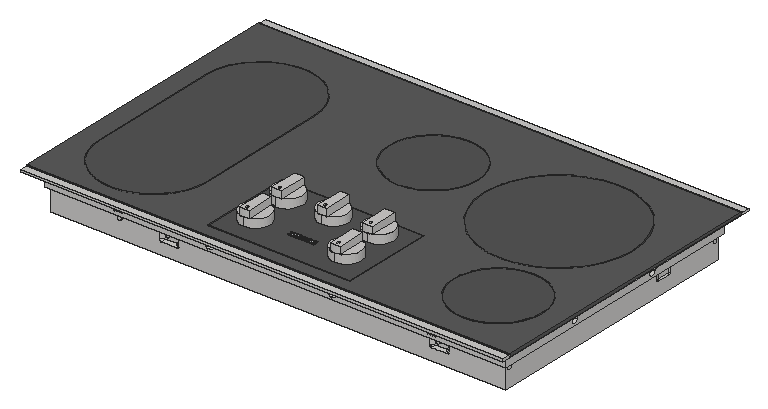
Revit family "P200921MX-009c_MEC8836HS", category Specialty Equipment, Revit 2026 (continued)
Forms (in)
  Blend 80, void
    base sketch origin (-24.69069, -1.28355, 2.67867) x (-1, 0, 0) y (0, 0, -1)
      loop
        circle (-14.40625, -0.49468) r 0.34922
    top sketch origin (-24.69069, -1.28355, 2.67867) x (-1, 0, 0) y (0, 0, -1)
      loop
        circle (-14.40625, -0.49468) r 0.19922
    from 0 to 0.19922
  Blend 81, void
    base sketch origin (14.99681, -1.28355, 1.99117) x (1, 0, 0) y (0, 0, 1)
      loop
        circle (-19.90625, 0.92786) r 0.34922
    top sketch origin (14.99681, -1.28355, 1.99117) x (1, 0, 0) y (0, 0, 1)
      loop
        circle (-19.90625, 0.92786) r 0.19922
    from -0.0023 to 0.19922
  Blend 82, void
    base sketch origin (24.69069, -1.28355, 2.67867) x (1, 0, 0) y (0, 0, 1)
      loop
        circle (-14.40625, 0.49468) r 0.34922
    top sketch origin (24.69069, -1.28355, 2.67867) x (1, 0, 0) y (0, 0, 1)
      loop
        circle (-14.40625, 0.49468) r 0.19922
    from 0 to 0.19922
  Extrusion 83, void
    sketch origin (18.65625, -1.28355, 2.56038) x (1, 0, 0) y (0, 0, 1)
      loop
        line (-7.25733, 0.14069) -> (-6.6756, 0.14069)
        arc (-6.6756, 0.14069) -> (-6.6131, 0.20319) -> (-6.6756, 0.26569) r 0.0625
        line (-6.6756, 0.26569) -> (-6.73619, 0.26569) -> (-6.73619, 0.62278) -> (-6.6756, 0.62278)
        arc (-6.6756, 0.62278) -> (-6.6131, 0.68528) -> (-6.6756, 0.74778) r 0.0625
        line (-6.6756, 0.74778) -> (-7.25733, 0.74778)
        arc (-7.25733, 0.74778) -> (-7.31983, 0.68528) -> (-7.25733, 0.62278) r 0.0625
        line (-7.25733, 0.62278) -> (-7.19674, 0.62278) -> (-7.19674, 0.26569) -> (-7.25733, 0.26569)
        arc (-7.25733, 0.26569) -> (-7.31983, 0.20319) -> (-7.25733, 0.14069) r 0.0625
    from 0 to 0.0625
  Extrusion 84, void
    sketch origin (-18.65625, -1.28355, 2.56038) x (-1, 0, 0) y (0, 0, -1)
      loop
        arc (-7.25733, -0.14069) -> (-7.31983, -0.20319) -> (-7.25733, -0.26569) r 0.0625
        line (-7.25733, -0.26569) -> (-7.19674, -0.26569) -> (-7.19674, -0.62278) -> (-7.25733, -0.62278)
        arc (-7.25733, -0.62278) -> (-7.31983, -0.68528) -> (-7.25733, -0.74778) r 0.0625
        line (-7.25733, -0.74778) -> (-6.6756, -0.74778)
        arc (-6.6756, -0.74778) -> (-6.6131, -0.68528) -> (-6.6756, -0.62278) r 0.0625
        line (-6.6756, -0.62278) -> (-6.73619, -0.62278) -> (-6.73619, -0.26569) -> (-6.6756, -0.26569)
        arc (-6.6756, -0.26569) -> (-6.6131, -0.20319) -> (-6.6756, -0.14069) r 0.0625
        line (-6.6756, -0.14069) -> (-7.25733, -0.14069)
    from 0 to 0.0625
  Blend 85, void
    base sketch origin (-5.85618, 0.25, 47.15413) x (-1, 0, 0) y (0, 0, -1)
      loop
        line (-17.41725, 44.68404) -> (-17.41725, 45.22779)
        arc (-17.41725, 45.22779) -> (-17.4319, 45.26314) -> (-17.46725, 45.27779) r 0.05
        line (-17.46725, 45.27779) -> (-18.35163, 45.27779)
        arc (-18.35163, 45.27779) -> (-18.38698, 45.26314) -> (-18.40163, 45.22779) r 0.05
        line (-18.40163, 45.22779) -> (-18.40163, 44.68404) -> (-17.41725, 44.68404)
    top sketch origin (-5.85618, 0.25, 47.15413) x (-1, 0, 0) y (0, 0, -1)
      loop
        line (-17.19069, 44.68404) -> (-17.19069, 45.32154)
        arc (-17.19069, 45.32154) -> (-17.23508, 45.42871) -> (-17.34225, 45.4731) r 0.15156
        line (-17.34225, 45.4731) -> (-18.49225, 45.4731)
        arc (-18.49225, 45.4731) -> (-18.59942, 45.42871) -> (-18.64382, 45.32154) r 0.15156
        line (-18.64382, 45.32154) -> (-18.64382, 44.68404) -> (-17.19069, 44.68404)
    from 1.91549 to 1.78125
  Blend 86, void
    base sketch origin (9.79368, 0.25, 47.15413) x (1, 0, 0) y (0, 0, 1)
      loop
        line (-17.41725, -44.68404) -> (-18.40163, -44.68404) -> (-18.40163, -45.22779)
        arc (-18.40163, -45.22779) -> (-18.38698, -45.26314) -> (-18.35163, -45.27779) r 0.05
        line (-18.35163, -45.27779) -> (-17.46725, -45.27779)
        arc (-17.46725, -45.27779) -> (-17.4319, -45.26314) -> (-17.41725, -45.22779) r 0.05
        line (-17.41725, -45.22779) -> (-17.41725, -44.68404)
    top sketch origin (9.79368, 0.25, 47.15413) x (1, 0, 0) y (0, 0, 1)
      loop
        line (-17.19069, -44.68404) -> (-18.64382, -44.68404) -> (-18.64382, -45.32154)
        arc (-18.64382, -45.32154) -> (-18.59942, -45.42871) -> (-18.49225, -45.4731) r 0.15156
        line (-18.49225, -45.4731) -> (-17.34225, -45.4731)
        arc (-17.34225, -45.4731) -> (-17.23508, -45.42871) -> (-17.19069, -45.32154) r 0.15156
        line (-17.19069, -45.32154) -> (-17.19069, -44.68404)
    from 1.91549 to 1.78125
  Extrusion 87, solid, material "ARCAT - Metal - Steel - Stainless" <- "Body Material"
    sketch origin (-15.87962, -1.53125, 1.20992) x (1, 0, 0) y (0, 0, -1)
      loop
        circle (4.07983, -0.9887) r 0.14176
    from 0 to 0.05078
  Extrusion 88, solid, material "ARCAT - Metal - Steel - Stainless" <- "Body Material"
    sketch origin (-12.37962, -1.66549, 1.20992) x (1, 0, 0) y (0, 0, -1)
      loop
        circle (4.07983, -0.9887) r 0.14176
    from 0 to 0.05078
  Extrusion 89, solid, material "ARCAT - Metal - Steel - Stainless" <- "Body Material"
    sketch origin (7.78939, -1.66549, 1.20992) x (1, 0, 0) y (0, 0, -1)
      loop
        circle (4.07983, -0.9887) r 0.14176
    from 0 to 0.05078
Cuts and joins
  Blend 6, Blend 8, Blend 58, Blend 59, Blend 60, Blend 61, Blend 62, Blend 63, Blend 64, Blend 65, Blend 66, Blend 67, Blend 68, Blend 69, Blend 70, Extrusion 71, Extrusion 72, Blend 78, Blend 79, Blend 80, Blend 81, Blend 82, Extrusion 83, Extrusion 84, Blend 85, Blend 86 cuts Extrusion 3
  Blend 6, Blend 8, Blend 12, Blend 13, Blend 14, Blend 15, Blend 16, Blend 73, Blend 74, Blend 85, Blend 86 cuts Extrusion 4
  Blend 12 cuts Extrusion 9
  Blend 12, Blend 13, Blend 14, Blend 15, Blend 16 cuts Extrusion 11
  joined: Extrusion 23, Extrusion 24
  Extrusion 31, Extrusion 53, Extrusion 54 cuts Extrusion 28
  Extrusion 53, Extrusion 54 cuts Extrusion 32
  Extrusion 53 cuts Extrusion 34
  Extrusion 54, Extrusion 55 cuts Extrusion 39
  Extrusion 55 cuts Extrusion 42
  Extrusion 55, Extrusion 56 cuts Extrusion 44
  Extrusion 56 cuts Extrusion 47
  Extrusion 56 cuts Extrusion 49
  Blend 85 cuts Extrusion 77
  Blend 86 cuts Extrusion 76
Lines and regions (in)
  model lines, style "Cooktop"
    curve 1: circle (0.32386, -7.27293, 3.94672) r 3 normal (0, 0, 1)
    curve 2: circle (-12.59095, -17.26682, 3.94672) r 3.58163 normal (0, 0, 1)
    curve 3: circle (13.15905, -17.26682, 3.94672) r 3 normal (0, 0, 1)
    curve 4: circle (10.39741, -8.14793, 3.94672) r 5.25 normal (0, 0, 1)
    curve 14: circle (10.37251, -8.24573, 3.94672) r 3.64921 normal (0, 0, 1)
    curve 15: line (-16.15625, -8.8719, 3.94672) -> (-16.15625, -15.8719, 3.94672)
    curve 20: circle (-12.59095, -7.2832, 3.94672) r 3.58163 normal (0, 0, -1)
    curve 21: line (-9.02566, -8.8719, 3.94672) -> (-9.02566, -15.8719, 3.94672)
  symbolic lines, style "SpecialityEquipment"
    curve 5: line (-18.03125, -22.875, 3.94672) -> (18.03125, -22.875, 3.94672)
    curve 6: line (-18.03125, 0, 3.94672) -> (-18.03125, -22.875, 3.94672)
    curve 7: line (18.03125, 0, 3.94672) -> (-18.03125, 0, 3.94672)
    curve 8: line (18.03125, -22.875, 3.94672) -> (18.03125, 0, 3.94672)
    curve 9: circle (0.32386, -7.27293, 3.94672) r 3.3 normal (0, 0, 1)
    curve 10: circle (10.39741, -8.14793, 3.94672) r 5.55 normal (0, 0, 1)
    curve 11: circle (13.15905, -17.26682, 3.94672) r 3.3 normal (0, 0, 1)
    curve 12: line (18.03125, -0.625, 3.94672) -> (-18.03125, -0.625, 3.94672)
    curve 13: line (-18.03125, -22.25, 3.94672) -> (18.03125, -22.25, 3.94672)
    curve 16: arc (-8.58044, -7.27293, 2.47009) -> (-12.58044, -3.27293, 2.47009) -> (-16.58044, -7.27293, 2.47009) r 4
    curve 17: arc (-16.58044, -17.2771, 2.47009) -> (-12.58044, -21.2771, 2.47009) -> (-8.58044, -17.2771, 2.47009) r 4
    curve 18: line (-16.58044, -7.27293, 2.47009) -> (-16.58044, -17.2771, 2.47009)
    curve 19: line (-8.58044, -17.2771, 2.47009) -> (-8.58044, -7.27293, 2.47009)
    curve 22: line (5.29483, -14.38307, 2.47009) -> (-5.29483, -14.38307, 2.47009)
    curve 23: line (-5.29483, -14.38307, 2.47009) -> (-5.29483, -21.29467, 2.47009)
    curve 24: line (-5.29483, -21.29467, 2.47009) -> (5.29483, -21.29467, 2.47009)
    curve 25: line (5.29483, -21.29467, 2.47009) -> (5.29483, -14.38307, 2.47009)
    curve 31: circle (-3.4, -16.19148, 2.47009) r 1.08255 normal (0, 0, 1)
    curve 32: line (-3.03912, -15.17085, 2.47009) -> (-3.03912, -17.2121, 2.47009)
    curve 33: line (-3.76671, -15.17293, 2.47009) -> (-3.76671, -17.21002, 2.47009)
    curve 34: circle (0, -16.19148, 2.47009) r 1.08255 normal (0, 0, 1)
    curve 35: line (0.36088, -15.17085, 2.47009) -> (0.36088, -17.2121, 2.47009)
    curve 36: line (-0.36671, -15.17293, 2.47009) -> (-0.36671, -17.21002, 2.47009)
    curve 37: circle (3.4, -16.19148, 2.47009) r 1.08255 normal (0, 0, 1)
    curve 38: line (3.76088, -15.17085, 2.47009) -> (3.76088, -17.2121, 2.47009)
    curve 39: line (3.03329, -15.17293, 2.47009) -> (3.03329, -17.21002, 2.47009)
    curve 40: circle (3.4, -19.21697, 2.47009) r 1.08255 normal (0, 0, 1)
    curve 41: line (3.76088, -18.19634, 2.47009) -> (3.76088, -20.23759, 2.47009)
    curve 42: line (3.03329, -18.19842, 2.47009) -> (3.03329, -20.23551, 2.47009)
    curve 43: circle (-3.4, -19.21697, 2.47009) r 1.08255 normal (0, 0, 1)
    curve 44: line (-3.03912, -18.19634, 2.47009) -> (-3.03912, -20.23759, 2.47009)
    curve 45: line (-3.76671, -18.19842, 2.47009) -> (-3.76671, -20.23551, 2.47009)
  model lines
    curve 26: line (-0.64916, -15.47094, 2.47009) -> (-0.64916, -15.47094, 3.72095)
    curve 27: line (2.75084, -15.47094, 2.47009) -> (2.75084, -15.47094, 3.72095)
    curve 28: line (-4.04916, -15.47094, 2.47009) -> (-4.04916, -15.47094, 3.72095)
    curve 29: line (-4.04916, -18.49643, 2.47009) -> (-4.04916, -18.49643, 3.72095)
    curve 30: line (2.75084, -18.49643, 2.47009) -> (2.75084, -18.49643, 3.72095)
    curve 46: line (11.19069, -21.59375, 2.47009) -> (11.19069, -21.59375, 3.72095)
    curve 47: line (-11.19069, -21.59375, 2.47009) -> (-11.19069, -21.59375, 3.72095)
    curve 48: line (-0.28496, -21.59375, 2.63636) -> (-0.28496, -21.59375, 2.47009)
    curve 49: line (0.28496, -21.59375, 2.63636) -> (-0.28496, -21.59375, 2.63636)
    curve 50: line (0.28496, -21.59375, 2.47009) -> (0.28496, -21.59375, 2.63636)
    curve 51: line (11.19069, -1.28125, 2.47009) -> (11.19069, -1.28125, 3.72095)
    curve 52: line (-11.19069, -1.28125, 2.47009) -> (-11.19069, -1.28125, 3.72095)
    curve 53: line (-0.28496, -1.28125, 2.63636) -> (-0.28496, -1.28125, 2.47009)
    curve 54: line (0.28496, -1.28125, 2.63636) -> (-0.28496, -1.28125, 2.63636)
    curve 55: line (0.28496, -1.28125, 2.47009) -> (0.28496, -1.28125, 2.63636)
Dimensions and locks (in)
  "Depth": plane 5 to plane 1 "Center (Front/Back)"
  "Width": plane 7 to plane 6
  equal spacing: plane 7, plane 3 "Center (Left/Right)", plane 6
  "Height": plane 4 to plane 2
  aligned and locked: plane 2 to level
Automatic sketch dimensions
  Extrusion 1 sketch curve to plane 6 = 0"
  Extrusion 1 sketch curve to plane 7 = 0"
  Extrusion 1 sketch curve to plane 6 = 4.8722"
  Extrusion 1 sketch curve to plane 6 = 7.63384"
  Extrusion 1 sketch curve to plane 5 = 1.58033"
  plane 3 "Center (Left/Right)" to Extrusion 1 sketch curve = 5.29483"
  plane 3 "Center (Left/Right)" to Extrusion 1 sketch curve = 0.32386"
  Extrusion 1 sketch curve to plane 3 "Center (Left/Right)" = 5.29483"
  Extrusion 1 sketch curve to Extrusion 1 sketch curve = 3.28561"
  Extrusion 1 sketch curve to Extrusion 1 sketch curve = 4"
  Extrusion 1 sketch curve to plane 5 = 5.5979"
  Extrusion 1 sketch curve to plane 5 = 5.60818"
  Extrusion 1 sketch curve to Extrusion 1 sketch curve = 6.9116"
  Extrusion 1 sketch curve to Extrusion 1 sketch curve = 6.23514"
  plane 1 "Center (Front/Back)" to Extrusion 1 sketch curve = 7.27293"  (x2)
  plane 1 "Center (Front/Back)" to Extrusion 1 sketch curve = 5/8"
  Extrusion 1 sketch curve to plane 5 = 5/8"
  curve 12 to Extrusion 1 = 0"  (x3)
  curve 13 to Extrusion 1 = 0"
  curve 4 to curve 14 = 0.0249"
  Extrusion 1 to curve 20 = 3.98949"
  Extrusion 1 to curve 2 = 3.98949"
  Extrusion 1 to curve 7 = 5/8"
  curve 20 to Extrusion 1 = 6.6582"
  curve 4 to curve 14 = 0.0978"
  Extrusion 1 to curve 2 = 2.88375"
  curve 13 to curve 8 = 5/8"
  Extrusion 1 to curve 21 = 0.44522"
  Extrusion 1 to curve 15 = 0.42419"
  curve 20 to curve 21 = 1.5887"
  curve 20 to curve 15 = 1.5887"
  Extrusion 1 to curve 21 = 1.48883"
  Extrusion 1 to curve 15 = 1.48883"
  plane 3 "Center (Left/Right)" to Extrusion 2 sketch curve = 5.29483"
  Extrusion 2 sketch curve to plane 5 = 1.58033"
  Extrusion 2 sketch curve to plane 3 "Center (Left/Right)" = 5.29483"
  Extrusion 2 sketch curve to Extrusion 2 sketch curve = 6.9116"
  Extrusion 3 sketch curve to plane 6 = 13/16"
  plane 7 to Extrusion 3 sketch curve = 13/16"
  plane 1 "Center (Front/Back)" to Extrusion 3 sketch curve = 1 9/32"
  Extrusion 3 sketch curve to plane 5 = 1 9/32"
  Extrusion 4 sketch curve to plane 6 = 1 1/16"
  plane 7 to Extrusion 4 sketch curve = 1 1/16"
  plane 1 "Center (Front/Back)" to Extrusion 4 sketch curve = 1 17/32"
  Extrusion 4 sketch curve to plane 5 = 1 17/32"
  Extrusion 4 to Extrusion 5 sketch curve = 0.31627"
  Extrusion 4 to Extrusion 5 sketch curve = 0.301"
  plane 1 "Center (Front/Back)" to Blend 6 sketch curve = 6.36849"
  Blend 6 sketch curve to Blend 6 sketch curve = 0.05"  (x2)
  Blend 6 sketch curve to Blend 6 sketch curve = 1.38438"
  level to Blend 6 sketch curve = 2.47009"  (x2)
  Blend 6 sketch curve to Blend 6 sketch curve = 0.44375"
  plane 1 "Center (Front/Back)" to Blend 6 sketch curve = 6.1263"
  Blend 6 sketch curve to Blend 6 sketch curve = 0.15156"  (x2)
  Blend 6 sketch curve to Blend 6 sketch curve = 1.65"
  Blend 6 sketch curve to Blend 6 sketch curve = 0.5375"
  Extrusion 7 sketch curve to Extrusion 4 = 0.31627"
  Extrusion 4 to Extrusion 7 sketch curve = 0.301"
  plane 1 "Center (Front/Back)" to Blend 8 sketch curve = 6.05599"
  Blend 8 sketch curve to Blend 8 sketch curve = 0.05"  (x2)
  Blend 8 sketch curve to Blend 8 sketch curve = 0.88438"
  level to Blend 8 sketch curve = 1.87634"
  Blend 8 sketch curve to Blend 8 sketch curve = 0.54375"
  level to Blend 8 sketch curve = 2.47009"
  plane 1 "Center (Front/Back)" to Blend 8 sketch curve = 5.8138"
  Blend 8 sketch curve to Blend 8 sketch curve = 0.15156"  (x2)
  Blend 8 sketch curve to Blend 8 sketch curve = 1.15"
  Blend 8 sketch curve to Blend 8 sketch curve = 0.6375"
  curve 46 to Extrusion 3 = 0"  (x2)
  curve 50 to Extrusion 3 = 0"
  curve 48 to Extrusion 3 = 0"
  curve 47 to Extrusion 3 = 0"  (x2)
  Extrusion 3 to curve 49 = 0.16627"
  curve 49 to Extrusion 3 = 16.93379"
  curve 49 to curve 49 = 0.56992"
  curve 46 to Extrusion 3 = 6.02806"
  curve 47 to Extrusion 3 = 6.02806"
  Extrusion 9 sketch curve to plane 6 = 4.8722"
  Extrusion 9 sketch curve to plane 6 = 7.63384"
  Extrusion 9 sketch curve to plane 5 = 1.58033"
  plane 3 "Center (Left/Right)" to Extrusion 9 sketch curve = 5.29483"
  plane 3 "Center (Left/Right)" to Extrusion 9 sketch curve = 0.32386"
  Extrusion 9 sketch curve to plane 3 "Center (Left/Right)" = 5.29483"
  Extrusion 9 sketch curve to Extrusion 9 sketch curve = 3.28561"
  Extrusion 9 sketch curve to Extrusion 9 sketch curve = 4"
  Extrusion 9 sketch curve to plane 5 = 5.5979"
  Extrusion 9 sketch curve to plane 5 = 5.60818"
  Extrusion 9 sketch curve to Extrusion 9 sketch curve = 6.9116"
  Extrusion 9 sketch curve to Extrusion 9 sketch curve = 6.23514"
  plane 1 "Center (Front/Back)" to Extrusion 9 sketch curve = 7.27293"  (x2)
  Extrusion 10 sketch curve to plane 1 "Center (Front/Back)" = 0"
  Extrusion 10 sketch curve to plane 5 = 0"
  Extrusion 10 sketch curve to plane 1 "Center (Front/Back)" = 19/32"
  Extrusion 10 sketch curve to Extrusion 10 sketch curve = 1/32"  (x2)
  plane 5 to Extrusion 10 sketch curve = 5/8"
  plane 4 to Extrusion 10 sketch curve = 1.52905"
  Extrusion 10 sketch curve to Extrusion 10 sketch curve = 1/16"  (x3)
  Extrusion 10 sketch curve to Extrusion 10 sketch curve = 0.14254"  (x2)
  Extrusion 10 sketch curve to Extrusion 10 sketch curve = 0.10077"  (x2)
  Extrusion 11 sketch curve to Extrusion 1 = 3.71877"
  Extrusion 11 sketch curve to Extrusion 11 sketch curve = 0.16605"
  Extrusion 11 sketch curve to Extrusion 11 sketch curve = 0.43365"
  Extrusion 11 sketch curve to Extrusion 11 sketch curve = 7/8"  (x10)
  Extrusion 11 sketch curve to Extrusion 11 sketch curve = 3/8"  (x114)
  Extrusion 11 sketch curve to Extrusion 11 sketch curve = 5/16"  (x46)
  Extrusion 11 sketch curve to Extrusion 11 sketch curve = 11/16"  (x3)
  Extrusion 11 sketch curve to Extrusion 11 sketch curve = 2.37496"
  Extrusion 11 sketch curve to Extrusion 11 sketch curve = 9/16"  (x15)
  Extrusion 11 sketch curve to Extrusion 11 sketch curve = 0.66224"
  Extrusion 11 sketch curve to Extrusion 11 sketch curve = 1 1/4"
  Extrusion 11 sketch curve to Extrusion 11 sketch curve = 0"  (x152)
  Extrusion 11 sketch curve to Extrusion 11 sketch curve = 0.10529"
  Extrusion 11 sketch curve to Extrusion 11 sketch curve = 0.16449"
  Extrusion 11 sketch curve to Extrusion 11 sketch curve = 0.04273"
  Extrusion 11 sketch curve to Extrusion 11 sketch curve = 0.20721"
  Extrusion 11 sketch curve to Extrusion 11 sketch curve = 0.6272"  (x2)
  Extrusion 11 sketch curve to Extrusion 11 sketch curve = 0.6228"  (x8)
  Extrusion 11 sketch curve to Extrusion 11 sketch curve = 0.3147"  (x6)
  Extrusion 1 to Extrusion 11 sketch curve = 0.65529"
  Extrusion 11 sketch curve to Extrusion 1 = 0.09471"  (x6)
  Extrusion 11 sketch curve to Extrusion 1 = 1.29294"
  Extrusion 11 sketch curve to Extrusion 1 = 0.60544"  (x2)
  Extrusion 11 sketch curve to Extrusion 1 = 0.29074"  (x2)
  Extrusion 11 sketch curve to Extrusion 1 = 0.04294"  (x6)
  Extrusion 1 to Extrusion 11 sketch curve = 0.08426"  (x2)
  Extrusion 1 to Extrusion 11 sketch curve = 0.26956"  (x6)
  Extrusion 1 to Extrusion 11 sketch curve = 0.64456"  (x4)
  Extrusion 11 sketch curve to Extrusion 11 sketch curve = 1/2"  (x24)
  Extrusion 11 sketch curve to Extrusion 11 sketch curve = 1.08776"
  Extrusion 11 sketch curve to Extrusion 11 sketch curve = 0.16224"
  Extrusion 11 sketch curve to Extrusion 11 sketch curve = 0.9353"
  Extrusion 11 sketch curve to Extrusion 11 sketch curve = 0.33776"
  Extrusion 11 sketch curve to Extrusion 11 sketch curve = 3/4"  (x2)
  Extrusion 1 to Extrusion 11 sketch curve = 2.60731"
  Extrusion 11 sketch curve to Extrusion 11 sketch curve = 0.44933"
  Extrusion 11 sketch curve to Extrusion 11 sketch curve = 0.30067"
  Extrusion 11 sketch curve to Extrusion 11 sketch curve = 0.76944"
  Extrusion 11 sketch curve to Extrusion 11 sketch curve = 0.78362"  (x2)
  Extrusion 1 to Extrusion 11 sketch curve = 1.05426"
  Extrusion 11 sketch curve to Extrusion 11 sketch curve = 0.14627"  (x3)
  Extrusion 1 to Extrusion 11 sketch curve = 0.58788"
  Extrusion 1 to Extrusion 11 sketch curve = 0.34549"
  Extrusion 1 to Extrusion 11 sketch curve = 0.32011"
  Extrusion 1 to Extrusion 11 sketch curve = 0.02538"
  Extrusion 11 sketch curve to Extrusion 1 = 0.05489"
  Extrusion 11 sketch curve to Extrusion 1 = 0.19574"  (x2)
  Extrusion 11 sketch curve to Extrusion 1 = 0.55489"
  Extrusion 11 sketch curve to Extrusion 11 sketch curve = 0.46638"  (x2)
  Extrusion 11 sketch curve to Extrusion 11 sketch curve = 7/16"  (x4)
  Extrusion 11 sketch curve to Extrusion 11 sketch curve = 0.66623"
  Extrusion 11 sketch curve to Extrusion 11 sketch curve = 0.34612"
  Extrusion 11 sketch curve to Extrusion 1 = 0.69359"
  Extrusion 11 sketch curve to Extrusion 1 = 0.37348"
  Extrusion 11 sketch curve to Extrusion 1 = 0.35572"
  Extrusion 11 sketch curve to Extrusion 1 = 0.13109"
  Extrusion 1 to Extrusion 11 sketch curve = 0.18902"
  Extrusion 1 to Extrusion 11 sketch curve = 0.41013"  (x2)
  Extrusion 1 to Extrusion 11 sketch curve = 0.51928"
  Extrusion 11 sketch curve to Extrusion 11 sketch curve = 0.54123"
  Extrusion 1 to Extrusion 11 sketch curve = 2.80641"
  Extrusion 11 sketch curve to Extrusion 11 sketch curve = 0.70877"
  Extrusion 11 sketch curve to Extrusion 11 sketch curve = 0.42567"
  Extrusion 11 sketch curve to Extrusion 11 sketch curve = 2.8378"
  Extrusion 11 sketch curve to Extrusion 11 sketch curve = 1.03326"  (x10)
  Extrusion 11 sketch curve to Extrusion 1 = 0.29252"
  Extrusion 11 sketch curve to Extrusion 11 sketch curve = 0.21674"  (x4)
  Extrusion 1 to Extrusion 11 sketch curve = 2.14292"
  Extrusion 11 sketch curve to Extrusion 1 = 0.43899"  (x4)
  Extrusion 11 sketch curve to Extrusion 11 sketch curve = 0.37352"  (x4)
  Extrusion 11 sketch curve to Extrusion 11 sketch curve = 0.40572"  (x90)
  Extrusion 11 sketch curve to Extrusion 11 sketch curve = 0.34428"  (x68)
  Extrusion 11 sketch curve to Extrusion 11 sketch curve = 0.37754"  (x3)
  Extrusion 11 sketch curve to Extrusion 11 sketch curve = 0.53199"
  Extrusion 11 sketch curve to Extrusion 11 sketch curve = 1.09428"  (x3)
  Extrusion 11 sketch curve to Extrusion 11 sketch curve = 1.88506"
  Extrusion 11 sketch curve to Extrusion 11 sketch curve = 1.44905"
  Extrusion 11 sketch curve to Extrusion 11 sketch curve = 0.8651"
  Extrusion 11 sketch curve to Extrusion 11 sketch curve = 1.86684"
  Extrusion 11 sketch curve to Extrusion 11 sketch curve = 0.36143"  (x2)
  Extrusion 11 sketch curve to Extrusion 11 sketch curve = 0.10611"
  Extrusion 11 sketch curve to Extrusion 11 sketch curve = 0.4195"  (x2)
  Extrusion 11 sketch curve to Extrusion 11 sketch curve = 0.39215"  (x4)
  Extrusion 11 sketch curve to Extrusion 11 sketch curve = 0.12481"
  Extrusion 11 sketch curve to Extrusion 11 sketch curve = 0.37481"
  Extrusion 11 sketch curve to Extrusion 11 sketch curve = 0.0309"
  Extrusion 1 to Extrusion 11 sketch curve = 0.11319"
  Extrusion 1 to Extrusion 11 sketch curve = 0.31101"  (x6)
  Extrusion 11 sketch curve to Extrusion 11 sketch curve = 2.573"
  Extrusion 1 to Extrusion 11 sketch curve = 2.81123"
  Extrusion 1 to Extrusion 11 sketch curve = 1.7254"
  Blend 12 sketch curve to Extrusion 1 = 5.23077"  (x2)
  Extrusion 1 to Blend 12 sketch curve = 3.81358"  (x2)
  Blend 13 sketch curve to Extrusion 1 = 6.18728"  (x2)
  Blend 13 sketch curve to Extrusion 1 = 5.14531"  (x2)
  Extrusion 1 to Blend 14 sketch curve = 2.95693"  (x2)
  Extrusion 1 to Blend 14 sketch curve = 3.21172"  (x2)
  Extrusion 1 to Blend 15 sketch curve = 2.4292"  (x2)
  Blend 15 sketch curve to Extrusion 1 = 5.14531"  (x2)
  Blend 16 sketch curve to Extrusion 1 = 2.84471"  (x2)
  Extrusion 1 to Blend 16 sketch curve = 4.64533"  (x2)
  Extrusion 1 to Extrusion 17 sketch curve = 3.81599"
  Extrusion 17 sketch curve to Extrusion 1 = 5.23196"
  Extrusion 1 to Extrusion 18 sketch curve = 4.64774"
  Extrusion 18 sketch curve to Extrusion 1 = 2.84351"
  Extrusion 1 to Extrusion 19 sketch curve = 2.4304"
  Extrusion 19 sketch curve to Extrusion 1 = 5.14772"
  Extrusion 20 sketch curve to Extrusion 1 = 5.14772"
  Extrusion 20 sketch curve to Extrusion 1 = 6.18847"
  Extrusion 1 to Extrusion 21 sketch curve = 3.21413"
  Extrusion 1 to Extrusion 21 sketch curve = 2.95813"
  Extrusion 22 sketch curve to Extrusion 4 = 2.41707"
  Extrusion 22 sketch curve to Extrusion 4 = 16.28822"
  Extrusion 22 sketch curve to Extrusion 4 = 2.34345"
  Extrusion 22 sketch curve to Extrusion 22 sketch curve = 0.0491"
  Extrusion 22 sketch curve to Extrusion 4 = 1.69954"
  Extrusion 22 sketch curve to Extrusion 4 = 1.61434"
  Extrusion 22 sketch curve to Extrusion 4 = 3.12857"
  Extrusion 22 sketch curve to Extrusion 22 sketch curve = 1.09933"
  Extrusion 22 sketch curve to Extrusion 4 = 3.05045"
  Extrusion 22 sketch curve to Extrusion 22 sketch curve = 0.0579"
  Extrusion 22 sketch curve to Extrusion 4 = 3.19769"
  Extrusion 22 sketch curve to Extrusion 22 sketch curve = 0.05488"
  Extrusion 22 sketch curve to Extrusion 4 = 3.04515"
  Extrusion 22 sketch curve to Extrusion 22 sketch curve = 0.17237"
  Extrusion 22 sketch curve to Extrusion 4 = 2.29032"
  Extrusion 22 sketch curve to Extrusion 22 sketch curve = 0.34945"
  Extrusion 22 sketch curve to Extrusion 4 = 2.24008"
  Extrusion 22 sketch curve to Extrusion 22 sketch curve = 0.03389"
  Extrusion 22 sketch curve to Extrusion 4 = 2.43558"
  Extrusion 22 sketch curve to Extrusion 22 sketch curve = 0.06944"
  Extrusion 22 sketch curve to Extrusion 22 sketch curve = 0.05805"
  Extrusion 22 sketch curve to Extrusion 4 = 2.31889"
  Extrusion 22 sketch curve to Extrusion 22 sketch curve = 0.0577"
  Extrusion 23 sketch curve to Extrusion 4 = 2.34345"
  Extrusion 23 sketch curve to Extrusion 4 = 16.33732"
  Extrusion 23 sketch curve to Extrusion 4 = 1.69954"
  Extrusion 23 sketch curve to Extrusion 4 = 3.12995"
  Extrusion 23 sketch curve to Extrusion 23 sketch curve = 1.04975"
  Extrusion 23 sketch curve to Extrusion 23 sketch curve = 0.05703"
  Extrusion 23 sketch curve to Extrusion 4 = 2.97343"
  Extrusion 23 sketch curve to Extrusion 4 = 3.19849"
  Extrusion 23 sketch curve to Extrusion 23 sketch curve = 0.05373"
  Extrusion 23 sketch curve to Extrusion 4 = 2.36804"
  Extrusion 23 sketch curve to Extrusion 23 sketch curve = 0.42643"
  Extrusion 23 sketch curve to Extrusion 4 = 2.24163"
  Extrusion 23 sketch curve to Extrusion 23 sketch curve = 0.08524"
  Extrusion 23 sketch curve to Extrusion 23 sketch curve = 0.05805"
  Extrusion 23 sketch curve to Extrusion 4 = 2.32044"
  Extrusion 23 sketch curve to Extrusion 23 sketch curve = 0.05771"
  Extrusion 24 sketch curve to Extrusion 4 = 2.97343"
  Extrusion 24 sketch curve to Extrusion 4 = 16.5418"
  Extrusion 24 sketch curve to Extrusion 4 = 3.04515"
  Extrusion 24 sketch curve to Extrusion 24 sketch curve = 0.12939"
  Extrusion 24 sketch curve to Extrusion 4 = 2.36804"
  Extrusion 24 sketch curve to Extrusion 24 sketch curve = 0.29704"
  Extrusion 24 sketch curve to Extrusion 4 = 2.4356"
  Extrusion 24 sketch curve to Extrusion 24 sketch curve = 0.12187"
  Extrusion 25 sketch curve to Extrusion 4 = 3.14102"
  Extrusion 25 sketch curve to Extrusion 4 = 16.55219"
  Extrusion 25 sketch curve to Extrusion 25 sketch curve = 0.56952"
  Extrusion 25 sketch curve to Extrusion 25 sketch curve = 0.84435"
  Extrusion 23 to Extrusion 26 sketch curve = 0.00789"
  Extrusion 26 sketch curve to Extrusion 23 = 0.51827"
  curve 25 to Extrusion 4 = 11.67392"
  curve 22 to curve 37 = 1.89483"
  curve 24 to curve 40 = 1.89483"
  curve 37 to curve 34 = 3.4"
  curve 34 to curve 31 = 3.4"
  curve 43 to curve 31 = 0"
  curve 23 to Extrusion 4 = 0.04908"
  curve 43 to curve 23 = 1.89483"
  curve 22 to curve 19 = 3.28561"
  curve 19 to curve 16 = 4"
  curve 43 to Extrusion 4 = 2.12678"
  curve 40 to Extrusion 4 = 2.12678"
  curve 19 to Extrusion 4 = 4.06665"
  curve 37 to curve 40 = 3.02549"
  curve 31 to curve 43 = 3.02549"
  curve 31 to curve 34 = 0"
  curve 22 to curve 37 = 1.8084"
  curve 19 to Extrusion 4 = 5.74168"
  curve 38 to curve 37 = 0.36088"
  curve 41 to curve 38 = 0"
  curve 38 to curve 39 = 0.72759"
  curve 41 to curve 42 = 0.72759"
  curve 35 to curve 34 = 0.36088"
  curve 35 to curve 36 = 0.72759"
  curve 32 to curve 31 = 0.36088"
  curve 44 to curve 43 = 0.36088"
  curve 44 to curve 45 = 0.72759"
  curve 32 to curve 33 = 0.72759"
  curve 40 to curve 41 = 1.02063"
  curve 43 to curve 44 = 1.02063"
  curve 34 to curve 35 = 1.02063"
  curve 38 to curve 41 = 0.98424"
  curve 32 to curve 44 = 0.98424"
  Extrusion 28 sketch curve to Extrusion 28 sketch curve = 0.0054"
  Extrusion 28 sketch curve to Extrusion 28 sketch curve = 1.01687"
  Extrusion 28 sketch curve to Extrusion 28 sketch curve = 0.00036"
  Extrusion 28 sketch curve to Extrusion 28 sketch curve = 1.01802"
  Extrusion 28 sketch curve to Extrusion 28 sketch curve = 0.00065"
  Extrusion 28 sketch curve to Extrusion 28 sketch curve = 0.35622"
  Extrusion 29 sketch curve to plane 3 "Center (Left/Right)" = 0"
  Extrusion 29 sketch curve to plane 5 = 6.68352"
  Extrusion 31 sketch curve to plane 3 "Center (Left/Right)" = 0"
  Extrusion 31 sketch curve to plane 5 = 5.93497"
  plane 3 "Center (Left/Right)" to curve 27 = 2.75084"
  curve 26 to plane 3 "Center (Left/Right)" = 0.64916"
  curve 26 to plane 4 = 1.52905"
  curve 28 to plane 4 = 1.52905"
  curve 26 to curve 28 = 3.4"
  curve 27 to plane 4 = 1.52905"
  curve 28 to curve 28 = 1.25086"
  curve 27 to curve 27 = 1.25086"
  curve 26 to curve 26 = 1.25086"
  Extrusion 32 sketch curve to plane 3 "Center (Left/Right)" = 0"
  Extrusion 32 sketch curve to plane 5 = 5.93497"
  Extrusion 34 sketch curve to Extrusion 34 sketch curve = 0.0054"
  Extrusion 34 sketch curve to Extrusion 34 sketch curve = 1.01687"
  Extrusion 34 sketch curve to Extrusion 34 sketch curve = 0.00036"
  Extrusion 34 sketch curve to Extrusion 34 sketch curve = 1.01802"
  Extrusion 34 sketch curve to Extrusion 34 sketch curve = 0.00065"
  Extrusion 34 sketch curve to Extrusion 34 sketch curve = 0.35622"
  Extrusion 35 sketch curve to plane 5 = 6.68352"
  plane 3 "Center (Left/Right)" to Extrusion 35 sketch curve = 3.4"
  plane 3 "Center (Left/Right)" to Extrusion 37 sketch curve = 3.4"
  Extrusion 37 sketch curve to plane 5 = 5.93497"
  Extrusion 39 sketch curve to Extrusion 39 sketch curve = 0.0054"
  Extrusion 39 sketch curve to Extrusion 39 sketch curve = 1.01687"
  Extrusion 39 sketch curve to Extrusion 39 sketch curve = 0.00036"
  Extrusion 39 sketch curve to Extrusion 39 sketch curve = 1.01802"
  Extrusion 39 sketch curve to Extrusion 39 sketch curve = 0.00065"
  Extrusion 39 sketch curve to Extrusion 39 sketch curve = 0.35622"
  Extrusion 40 sketch curve to plane 5 = 6.68352"
  Extrusion 40 sketch curve to plane 3 "Center (Left/Right)" = 3.4"
  Extrusion 42 sketch curve to plane 3 "Center (Left/Right)" = 3.4"
  Extrusion 42 sketch curve to plane 5 = 5.93497"
  Extrusion 44 sketch curve to Extrusion 44 sketch curve = 0.0054"
  Extrusion 44 sketch curve to Extrusion 44 sketch curve = 1.01687"
  Extrusion 44 sketch curve to Extrusion 44 sketch curve = 0.00036"
  Extrusion 44 sketch curve to Extrusion 44 sketch curve = 1.01802"
  Extrusion 44 sketch curve to Extrusion 44 sketch curve = 0.00065"
  Extrusion 44 sketch curve to Extrusion 44 sketch curve = 0.35622"
  Extrusion 45 sketch curve to plane 5 = 3.65803"
  Extrusion 45 sketch curve to plane 3 "Center (Left/Right)" = 3.4"
  Extrusion 47 sketch curve to plane 3 "Center (Left/Right)" = 3.4"
  Extrusion 47 sketch curve to plane 5 = 2.90948"
  plane 3 "Center (Left/Right)" to curve 30 = 2.75084"
  curve 29 to plane 4 = 1.52905"
  curve 29 to plane 3 "Center (Left/Right)" = 4.04916"
  curve 30 to plane 4 = 1.52905"
  curve 30 to curve 30 = 1.25086"
  curve 29 to curve 29 = 1.25086"
  Extrusion 49 sketch curve to Extrusion 49 sketch curve = 0.0054"
  Extrusion 49 sketch curve to Extrusion 49 sketch curve = 1.01687"
  Extrusion 49 sketch curve to Extrusion 49 sketch curve = 0.00036"
  Extrusion 49 sketch curve to Extrusion 49 sketch curve = 1.01802"
  Extrusion 49 sketch curve to Extrusion 49 sketch curve = 0.00065"
  Extrusion 49 sketch curve to Extrusion 49 sketch curve = 0.35622"
  Extrusion 50 sketch curve to plane 5 = 3.65803"
  plane 3 "Center (Left/Right)" to Extrusion 50 sketch curve = 3.4"
  plane 3 "Center (Left/Right)" to Extrusion 52 sketch curve = 3.4"
  Extrusion 52 sketch curve to plane 5 = 2.90948"
  Extrusion 53 sketch curve to plane 5 = 5.93497"
  plane 3 "Center (Left/Right)" to Extrusion 53 sketch curve = 3.4"
  Extrusion 54 sketch curve to plane 5 = 5.93497"
  Extrusion 54 sketch curve to plane 3 "Center (Left/Right)" = 3.4"
  Extrusion 55 sketch curve to plane 5 = 2.90948"
  Extrusion 55 sketch curve to plane 3 "Center (Left/Right)" = 3.4"
  Extrusion 56 sketch curve to plane 5 = 2.90948"
  plane 3 "Center (Left/Right)" to Extrusion 56 sketch curve = 3.4"
  plane 1 "Center (Front/Back)" to Extrusion 57 sketch curve = 1.84752"
  Extrusion 57 sketch curve to plane 5 = 1.84752"
  level to Extrusion 57 sketch curve = 2.16909"  (x2)
  Blend 58 sketch curve to plane 4 = 1.95781"  (x2)
  Blend 58 sketch curve to plane 5 = 5.01315"  (x2)
  Blend 59 sketch curve to plane 4 = 1.95781"  (x2)
  plane 1 "Center (Front/Back)" to Blend 59 sketch curve = 5.36185"  (x2)
  Blend 60 sketch curve to plane 4 = 2.37474"  (x2)
  Blend 60 sketch curve to plane 5 = 7.682"  (x2)
  Blend 61 sketch curve to plane 4 = 2.37474"  (x2)
  plane 1 "Center (Front/Back)" to Blend 61 sketch curve = 7.943"  (x2)
  Blend 62 sketch curve to plane 4 = 1.95781"  (x2)
  Blend 62 sketch curve to plane 5 = 5.01315"  (x2)
  Blend 63 sketch curve to plane 4 = 1.95781"  (x2)
  plane 1 "Center (Front/Back)" to Blend 63 sketch curve = 5.36185"  (x2)
  Blend 64 sketch curve to plane 4 = 2.37474"  (x2)
  Blend 64 sketch curve to plane 5 = 7.682"  (x2)
  Blend 65 sketch curve to plane 4 = 2.37474"  (x2)
  plane 1 "Center (Front/Back)" to Blend 65 sketch curve = 7.943"  (x2)
  Blend 66 sketch curve to plane 3 "Center (Left/Right)" = 0"  (x2)
  Blend 66 sketch curve to plane 4 = 2.07665"  (x2)
  plane 3 "Center (Left/Right)" to Blend 67 sketch curve = 4.28444"  (x2)
  Blend 67 sketch curve to plane 4 = 2.33097"  (x2)
  Blend 68 sketch curve to plane 4 = 2.07665"  (x2)
  plane 7 to Blend 68 sketch curve = 7.74681"  (x2)
  Blend 69 sketch curve to plane 4 = 2.33097"  (x2)
  Blend 69 sketch curve to plane 3 "Center (Left/Right)" = 4.90944"  (x2)
  Blend 70 sketch curve to plane 4 = 2.07665"  (x2)
  Blend 70 sketch curve to plane 6 = 7.74681"  (x2)
  Extrusion 71 sketch curve to plane 4 = 2.54893"
  Extrusion 71 sketch curve to plane 6 = 6.63233"
  Extrusion 71 sketch curve to Extrusion 71 sketch curve = 0"
  Extrusion 71 sketch curve to Extrusion 71 sketch curve = 0.06059"  (x3)
  Extrusion 71 sketch curve to Extrusion 71 sketch curve = 0.46056"
  Extrusion 71 sketch curve to Extrusion 71 sketch curve = 1/16"  (x3)
  Extrusion 71 sketch curve to Extrusion 71 sketch curve = 0.35709"  (x2)
  Extrusion 72 sketch curve to plane 4 = 2.54893"
  plane 7 to Extrusion 72 sketch curve = 6.63233"
  Extrusion 72 sketch curve to Extrusion 72 sketch curve = 0"
  Extrusion 72 sketch curve to Extrusion 72 sketch curve = 0.06059"  (x3)
  Extrusion 72 sketch curve to Extrusion 72 sketch curve = 0.46056"
  Extrusion 72 sketch curve to Extrusion 72 sketch curve = 1/16"  (x3)
  Extrusion 72 sketch curve to Extrusion 72 sketch curve = 0.35709"  (x2)
  Blend 73 sketch curve to plane 6 = 5.48581"
  Blend 73 sketch curve to Blend 73 sketch curve = 0.05"  (x2)
  Blend 73 sketch curve to Blend 73 sketch curve = 0.88437"
  level to Blend 73 sketch curve = 1.87634"
  Blend 73 sketch curve to Blend 73 sketch curve = 0.54375"
  level to Blend 73 sketch curve = 2.47009"
  Blend 73 sketch curve to plane 6 = 5.24362"
  Blend 73 sketch curve to Blend 73 sketch curve = 0.15156"  (x2)
  Blend 73 sketch curve to Blend 73 sketch curve = 1.15"
  Blend 73 sketch curve to Blend 73 sketch curve = 0.6375"
  level to Blend 74 sketch curve = 2.47009"  (x2)
  Blend 74 sketch curve to plane 3 "Center (Left/Right)" = 8.60794"
  Blend 74 sketch curve to Blend 74 sketch curve = 0.05"  (x2)
  Blend 74 sketch curve to Blend 74 sketch curve = 0.88437"
  Blend 74 sketch curve to Blend 74 sketch curve = 0.54375"
  Blend 74 sketch curve to plane 3 "Center (Left/Right)" = 8.85013"
  Blend 74 sketch curve to Blend 74 sketch curve = 0.15156"  (x2)
  Blend 74 sketch curve to Blend 74 sketch curve = 1.15"
  Blend 74 sketch curve to Blend 74 sketch curve = 0.6375"
  level to Extrusion 75 sketch curve = 2.19862"
  plane 7 to Extrusion 75 sketch curve = 6.23146"
  level to Extrusion 76 sketch curve = 2.19862"
  Extrusion 76 sketch curve to plane 3 "Center (Left/Right)" = 8.29979"
  level to Extrusion 77 sketch curve = 2.19862"
  Extrusion 77 sketch curve to plane 6 = 6.16203"
  Blend 78 sketch curve to plane 3 "Center (Left/Right)" = 0"  (x2)
  Blend 78 sketch curve to plane 4 = 2.07665"  (x2)
  plane 3 "Center (Left/Right)" to Blend 79 sketch curve = 4.28444"  (x2)
  Blend 79 sketch curve to plane 4 = 2.33097"  (x2)
  Blend 80 sketch curve to plane 4 = 2.07665"  (x2)
  plane 7 to Blend 80 sketch curve = 7.74681"  (x2)
  Blend 81 sketch curve to plane 4 = 2.33097"  (x2)
  Blend 81 sketch curve to plane 3 "Center (Left/Right)" = 4.90944"  (x2)
  Blend 82 sketch curve to plane 4 = 2.07665"  (x2)
  Blend 82 sketch curve to plane 6 = 7.74681"  (x2)
  Extrusion 83 sketch curve to plane 4 = 2.54893"
  Extrusion 83 sketch curve to plane 6 = 6.63233"
  Extrusion 83 sketch curve to Extrusion 83 sketch curve = 0"
  Extrusion 83 sketch curve to Extrusion 83 sketch curve = 0.06059"  (x3)
  Extrusion 83 sketch curve to Extrusion 83 sketch curve = 0.46056"
  Extrusion 83 sketch curve to Extrusion 83 sketch curve = 1/16"  (x3)
  Extrusion 83 sketch curve to Extrusion 83 sketch curve = 0.35709"  (x2)
  Extrusion 84 sketch curve to plane 4 = 2.54893"
  plane 7 to Extrusion 84 sketch curve = 6.63233"
  Extrusion 84 sketch curve to Extrusion 84 sketch curve = 0"
  Extrusion 84 sketch curve to Extrusion 84 sketch curve = 0.06059"  (x3)
  Extrusion 84 sketch curve to Extrusion 84 sketch curve = 0.46056"
  Extrusion 84 sketch curve to Extrusion 84 sketch curve = 1/16"  (x3)
  Extrusion 84 sketch curve to Extrusion 84 sketch curve = 0.35709"  (x2)
  Blend 85 sketch curve to plane 6 = 5.48581"
  Blend 85 sketch curve to Blend 85 sketch curve = 0.05"  (x2)
  Blend 85 sketch curve to Blend 85 sketch curve = 0.88437"
  level to Blend 85 sketch curve = 2.47009"  (x2)
  Blend 85 sketch curve to Blend 85 sketch curve = 0.54375"
  Blend 85 sketch curve to plane 6 = 5.24362"
  Blend 85 sketch curve to Blend 85 sketch curve = 0.15156"  (x2)
  Blend 85 sketch curve to Blend 85 sketch curve = 1.15"
  Blend 85 sketch curve to Blend 85 sketch curve = 0.6375"
  level to Blend 86 sketch curve = 2.47009"  (x2)
  Blend 86 sketch curve to plane 3 "Center (Left/Right)" = 8.60794"
  Blend 86 sketch curve to Blend 86 sketch curve = 0.05"  (x2)
  Blend 86 sketch curve to Blend 86 sketch curve = 0.88437"
  Blend 86 sketch curve to Blend 86 sketch curve = 0.54375"
  Blend 86 sketch curve to plane 3 "Center (Left/Right)" = 8.85013"
  Blend 86 sketch curve to Blend 86 sketch curve = 0.15156"  (x2)
  Blend 86 sketch curve to Blend 86 sketch curve = 1.15"
  Blend 86 sketch curve to Blend 86 sketch curve = 0.6375"
  level to Extrusion 87 sketch curve = 2.19862"
  plane 7 to Extrusion 87 sketch curve = 6.23146"
  plane 3 "Center (Left/Right)" to curve 54 = 0.28496"
  curve 54 to plane 3 "Center (Left/Right)" = 0.28496"
  curve 55 to plane 4 = 2.61364"
  level to curve 51 = 2.47009"
  curve 51 to plane 6 = 6.84056"
  level to curve 52 = 2.47009"
  plane 7 to curve 52 = 6.84056"
  curve 53 to curve 53 = 0.16627"
  curve 55 to curve 54 = 0.16627"
  curve 51 to curve 51 = 1.25086"
  curve 52 to curve 52 = 1.25086"
  level to Extrusion 88 sketch curve = 2.19862"
  Extrusion 88 sketch curve to plane 3 "Center (Left/Right)" = 8.29979"
  level to Extrusion 89 sketch curve = 2.19862"
  Extrusion 89 sketch curve to plane 6 = 6.16203"
  radius of Extrusion 1 sketch curve = 5.55"
  radius of Extrusion 1 sketch curve = 3.3"  (x2)
  radius of curve 1 to Extrusion 1 = 0.3"
  radius of curve 3 to Extrusion 1 = 0.3"
  radius of curve 4 to Extrusion 1 = 0.3"
  radius of curve 9 to Extrusion 1 = 0"
  radius of curve 10 to Extrusion 1 = 0"
  radius of curve 11 to Extrusion 1 = 0"
  radius of curve 2 = 3.58163"
  radius of curve 14 = 3.64921"
  radius of curve 20 = 3.58163"
  radius of Extrusion 5 sketch curve = 1/8"
  radius of Extrusion 7 sketch curve = 1/8"
  radius of Extrusion 9 sketch curve = 5.55"
  radius of Extrusion 9 sketch curve = 3.3"  (x2)
  radius of Blend 12 sketch curve = 1/4"
  radius of Blend 12 sketch curve = 1/2"
  radius of Blend 13 sketch curve = 1/4"
  radius of Blend 13 sketch curve = 1/2"
  radius of Blend 14 sketch curve = 1/4"
  radius of Blend 14 sketch curve = 1/2"
  radius of Blend 15 sketch curve = 1/4"
  radius of Blend 15 sketch curve = 1/2"
  radius of Blend 16 sketch curve = 1/4"
  radius of Blend 16 sketch curve = 1/2"
  radius of Extrusion 17 sketch curve = 0.24991"
  radius of Extrusion 18 sketch curve = 0.24991"
  radius of Extrusion 19 sketch curve = 0.24991"
  radius of Extrusion 20 sketch curve = 0.24991"
  radius of Extrusion 21 sketch curve = 0.24991"
  radius of Extrusion 25 sketch curve = 0.03064"  (x2)
  radius of Extrusion 26 sketch curve = 1/4"
  radius of Extrusion 30 to Extrusion 27 sketch curve = 0.95755"
  radius of Extrusion 29 sketch curve = 0.45359"
  radius of Extrusion 30 sketch curve to Extrusion 29 = 0.32859"
  radius of Extrusion 31 sketch curve = 5/64"
  radius of Extrusion 32 sketch curve = 5/64"
  radius of Extrusion 36 to Extrusion 33 sketch curve = 0.95755"
  radius of Extrusion 35 sketch curve = 0.45359"
  radius of Extrusion 36 sketch curve to Extrusion 35 = 0.32859"
  radius of Extrusion 37 sketch curve = 5/64"
  radius of Extrusion 41 to Extrusion 38 sketch curve = 0.95755"
  radius of Extrusion 40 sketch curve = 0.45359"
  radius of Extrusion 41 sketch curve to Extrusion 40 = 0.32859"
  radius of Extrusion 42 sketch curve = 5/64"
  radius of Extrusion 46 to Extrusion 43 sketch curve = 0.95755"
  radius of Extrusion 45 sketch curve = 0.45359"
  radius of Extrusion 46 sketch curve to Extrusion 45 = 0.32859"
  radius of Extrusion 47 sketch curve = 5/64"
  radius of Extrusion 51 to Extrusion 48 sketch curve = 0.95755"
  radius of Extrusion 50 sketch curve = 0.45359"
  radius of Extrusion 51 sketch curve to Extrusion 50 = 0.32859"
  radius of Extrusion 52 sketch curve = 5/64"
  radius of Extrusion 53 sketch curve = 5/64"
  radius of Extrusion 54 sketch curve = 5/64"
  radius of Extrusion 55 sketch curve = 5/64"
  radius of Extrusion 56 sketch curve = 5/64"
  radius of Extrusion 57 sketch curve = 1/8"  (x2)
  radius of Blend 58 sketch curve = 0.29844"
  radius of Blend 58 sketch curve = 19/128"
  radius of Blend 59 sketch curve = 0.29844"
  radius of Blend 59 sketch curve = 19/128"
  radius of Blend 60 sketch curve = 0.29844"
  radius of Blend 60 sketch curve = 19/128"
  radius of Blend 61 sketch curve = 0.29844"
  radius of Blend 61 sketch curve = 19/128"
  radius of Blend 62 sketch curve = 0.29844"
  radius of Blend 62 sketch curve = 19/128"
  radius of Blend 63 sketch curve = 0.29844"
  radius of Blend 63 sketch curve = 19/128"
  radius of Blend 64 sketch curve = 0.29844"
  radius of Blend 64 sketch curve = 19/128"
  radius of Blend 65 sketch curve = 0.29844"
  radius of Blend 65 sketch curve = 19/128"
  radius of Blend 66 sketch curve = 0.34922"
  radius of Blend 66 sketch curve = 51/256"
  radius of Blend 67 sketch curve = 0.34922"
  radius of Blend 67 sketch curve = 51/256"
  radius of Blend 68 sketch curve = 0.34922"
  radius of Blend 68 sketch curve = 51/256"
  radius of Blend 69 sketch curve = 0.34922"
  radius of Blend 69 sketch curve = 51/256"
  radius of Blend 70 sketch curve = 0.34922"
  radius of Blend 70 sketch curve = 51/256"
  radius of Extrusion 75 sketch curve = 0.14176"
  radius of Extrusion 76 sketch curve = 0.14176"
  radius of Extrusion 77 sketch curve = 0.14176"
  radius of Blend 78 sketch curve = 0.34922"
  radius of Blend 78 sketch curve = 51/256"
  radius of Blend 79 sketch curve = 0.34922"
  radius of Blend 79 sketch curve = 51/256"
  radius of Blend 80 sketch curve = 0.34922"
  radius of Blend 80 sketch curve = 51/256"
  radius of Blend 81 sketch curve = 0.34922"
  radius of Blend 81 sketch curve = 51/256"
  radius of Blend 82 sketch curve = 0.34922"
  radius of Blend 82 sketch curve = 51/256"
  radius of Extrusion 87 sketch curve = 0.14176"
  radius of Extrusion 88 sketch curve = 0.14176"
  radius of Extrusion 89 sketch curve = 0.14176"
Nested families (in)
  nested 1: "Maytag Logo - 03" at (0, -19.04498, 3.94672), type "Maytag Logo - 03"
Connectors (in)
  electrical at (-0.89786, -4.31929, 0.39397), driven by "Voltage"
    settings: on Extrusion 26, index 1, voltage 0 V, apparent load 0 VA, apparent load phase1 0 VA, apparent load phase2 0 VA, apparent load phase3 0 VA, power factor 1, load classification "Other", number of poles 1, system type 30, power factor state 1, is connector primary yes, connector utility no, sub classification motor no, connector description "Electrical Connector"
Definition of nested family "Maytag Logo - 03"
  Parameters (values of type "Maytag Logo - 03")
    Logo Material = none
    Base Material = none
    Default Elevation = 48"
  Reference planes (in)
    plane 1 "Center (Front/Back)": y = 0
    plane 2: z = 0
    plane 3 "Center (Left/Right)": x = 0
  Forms (in)
    Extrusion 1, solid
      sketch origin (0, 0, 0) x (1, 0, 0) y (0, 1, 0)
        loop
          line (-48, 48) -> (-48, -48) -> (48, -48) -> (48, 48) -> (-48, 48)
      from 0 to -12
    Extrusion 2, solid, material <- "Logo Material"
      sketch origin (-0.39489, -0.287, 0) x (1, 0, 0) y (0, 1, 0)
        loop
          line (-0.55344, 0.38892) -> (-0.55344, 0.14833) -> (-0.60192, 0.14833) -> (-0.60192, 0.11708) -> (-0.47687, 0.11708) -> (-0.47687, 0.14833) -> (-0.5194, 0.14833) -> (-0.5194, 0.37677) -> (-0.42488, 0.11708) -> (-0.37706, 0.11708) -> (-0.28197, 0.39325) -> (-0.28197, 0.16797)
          arc (-0.28197, 0.16797) -> (-0.28772, 0.15409) -> (-0.30161, 0.14833) r 0.01964
          line (-0.30161, 0.14833) -> (-0.33245, 0.14833) -> (-0.33245, 0.11708) -> (-0.03092, 0.11708) -> (-0.03092, 0.14833) -> (-0.06205, 0.14833)
          arc (-0.06205, 0.14833) -> (-0.07538, 0.1552) -> (-0.07753, 0.17003) r 0.01637
          line (-0.07753, 0.17003) -> (-0.05774, 0.22752) -> (0.0445, 0.22752) -> (0.07332, 0.14833) -> (0.03553, 0.14833) -> (0.03553, 0.11708) -> (0.21366, 0.11708) -> (0.21366, 0.14833) -> (0.17483, 0.14833) -> (0.08634, 0.45692) -> (-0.01981, 0.45692) -> (-0.12607, 0.14833) -> (-0.16918, 0.14833)
          arc (-0.16918, 0.14833) -> (-0.18343, 0.15424) -> (-0.18933, 0.16848) r 0.02015
          line (-0.18933, 0.16848) -> (-0.18933, 0.40028)
          arc (-0.18933, 0.40028) -> (-0.18353, 0.41429) -> (-0.16952, 0.42009) r 0.01981
          line (-0.16952, 0.42009) -> (-0.13363, 0.42009) -> (-0.13363, 0.45692) -> (-0.30176, 0.45692) -> (-0.36898, 0.2617) -> (-0.44004, 0.45692) -> (-0.60192, 0.45692) -> (-0.60192, 0.42009) -> (-0.56478, 0.42009) -> (-0.55344, 0.38892)
        loop
          line (0.15925, 0.45692) -> (0.15925, 0.42341) -> (0.1905, 0.42341) -> (0.29091, 0.24226) -> (0.29091, 0.17282)
          arc (0.29091, 0.17282) -> (0.28374, 0.15551) -> (0.26643, 0.14833) r 0.02449
          line (0.26643, 0.14833) -> (0.23518, 0.14833) -> (0.23518, 0.11708) -> (0.44088, 0.11708) -> (0.44088, 0.14833) -> (0.40643, 0.14833)
          arc (0.40643, 0.14833) -> (0.39236, 0.15416) -> (0.38653, 0.16823) r 0.0199
          line (0.38653, 0.16823) -> (0.38653, 0.23625) -> (0.47645, 0.41273)
          arc (0.47645, 0.41273) -> (0.51447, 0.42515) -> (0.55249, 0.41273) r 0.06439
          line (0.55249, 0.41273) -> (0.55249, 0.16854)
          arc (0.55249, 0.16854) -> (0.54657, 0.15425) -> (0.53228, 0.14833) r 0.0202
          line (0.53228, 0.14833) -> (0.50062, 0.14833) -> (0.50062, 0.11708) -> (0.70204, 0.11708) -> (0.70204, 0.14833) -> (0.67038, 0.14833)
          arc (0.67038, 0.14833) -> (0.65609, 0.15425) -> (0.65017, 0.16854) r 0.0202
          line (0.65017, 0.16854) -> (0.65017, 0.3761)
          arc (0.65017, 0.3761) -> (0.66827, 0.41181) -> (0.70777, 0.41831) r 0.04427
          arc (0.70777, 0.41831) -> (0.73631, 0.39845) -> (0.74848, 0.36588) r 0.05838
          arc (0.74848, 0.36588) -> (0.76735, 0.34852) -> (0.78523, 0.3669) r 0.01839
          line (0.78523, 0.3669) -> (0.78523, 0.45692) -> (0.39591, 0.45692) -> (0.39591, 0.42341) -> (0.42902, 0.42341) -> (0.42902, 0.39216) -> (0.36714, 0.30103) -> (0.30479, 0.42341) -> (0.33891, 0.42341) -> (0.33891, 0.45692) -> (0.15925, 0.45692)
        loop
          line (-0.04248, 0.27182) -> (0.03982, 0.27182) -> (0.00516, 0.3927) -> (-0.04248, 0.27182)
        loop
          line (0.843, 0.14833) -> (0.80978, 0.14833)
          arc (0.80978, 0.14833) -> (0.79663, 0.15511) -> (0.79451, 0.16975) r 0.01615
          line (0.79451, 0.16975) -> (0.8144, 0.22752) -> (0.92808, 0.22752) -> (0.94949, 0.15287) -> (0.91658, 0.14466)
          arc (0.91658, 0.14466) -> (0.90735, 0.12887) -> (0.92134, 0.11708) r 0.0142
          line (0.92134, 0.11708) -> (1.07041, 0.11708)
          arc (1.07041, 0.11708) -> (1.08413, 0.12965) -> (1.0728, 0.14442) r 0.01377
          line (1.0728, 0.14442) -> (1.04181, 0.14988) -> (0.94205, 0.45692) -> (0.85232, 0.45692) -> (0.74607, 0.14833) -> (0.71482, 0.14833) -> (0.71482, 0.11708) -> (0.843, 0.11708) -> (0.843, 0.14833)
        loop
          line (0.82966, 0.27182) -> (0.91196, 0.27182) -> (0.8773, 0.3927) -> (0.82966, 0.27182)
        loop
          arc (1.14337, 0.13197) -> (1.20513, 0.11429) -> (1.26688, 0.13197) r 0.11667
          line (1.26688, 0.13197) -> (1.29964, 0.15241) -> (1.32115, 0.11793) -> (1.36644, 0.11793) -> (1.36644, 0.23406) -> (1.3917, 0.25309) -> (1.3917, 0.28434) -> (1.24025, 0.28434) -> (1.24025, 0.24761) -> (1.27948, 0.24761) -> (1.27948, 0.17816)
          arc (1.27948, 0.17816) -> (1.20757, 0.16106) -> (1.1679, 0.22343) r 0.06371
          line (1.1679, 0.22343) -> (1.17467, 0.35272)
          arc (1.17467, 0.35272) -> (1.23818, 0.42147) -> (1.3174, 0.37162) r 0.07322
          line (1.3174, 0.37162) -> (1.3174, 0.34037) -> (1.3571, 0.34037) -> (1.3571, 0.45372) -> (1.3163, 0.45372)
          arc (1.3163, 0.45372) -> (1.22843, 0.46988) -> (1.14337, 0.44253) r 0.18302
          arc (1.14337, 0.44253) -> (1.05723, 0.28725) -> (1.14337, 0.13197) r 0.18302
      from 0 to 0.01563
  Dimensions and locks (in)
    aligned and locked: plane 2 to Extrusion 1
    aligned and locked: level to Extrusion 1
